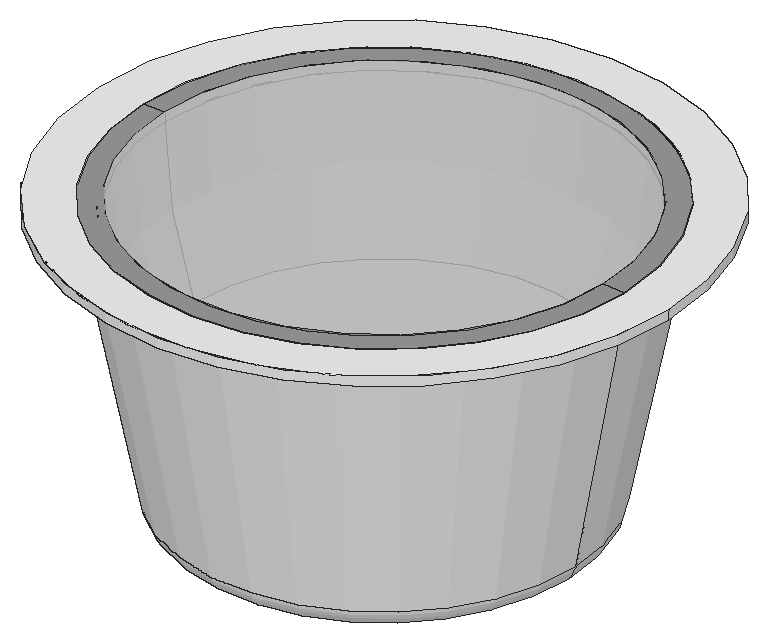
Revit family "2060547 Sylvania Lighting Fixture ASCENT 100 II ARCH 1000 4K DALI 160", category Lighting Fixtures, host Face, Revit 2016
Family settings
  Host = Face
  Part Type = Normal
  Round Connector Dimension = Use Diameter
  OmniClass Number = 23.80.70.11.17
  OmniClass Title = Specialized Lighting by Location or Use
  Cut with Voids When Loaded = No
  Light Source = Yes
  Shared = No
  Room Calculation Point = No
Parameters (values of type "2060547 ASCT100 II ARCH 1000 4K DALI 160")
  WidthBezelAcc_SYL = 25.0 mm
  Weight = "1.2 kg"
  Wattage = 7 W
  WarrantyStartDate [instance] = "n/a"
  WarrantyGuarantorParts = "n/a"
  WarrantyDurationUnit = "n/a"
  WarrantyDurationParts = "n/a"
  WarrantyDescription = "n/a"
  built-in parameter 1150110 = 1 (stored number, unit not read)
  Voltage = 0 V
  VisibilityAccessory_SYL = no
  TypeName = "ASCENT 100 II ARCH 1000 4K DALI 160"
  built-in parameter 1114217 = 1 (stored number, unit not read)
  Tilt Angle = -90°
  built-in parameter 1150109 = 1 (stored number, unit not read)
  built-in parameter 1150134 = 12
  built-in parameter 1150113 = 1 (stored number, unit not read)
  SerialNumber [instance] = "n/a"
  ReflectorRadius_SYL = Radius_SYL - 14.5 mm  # 80.0 mm
  RadiusAcc_SYL = 105.0 mm
  Radius_SYL = 94.5 mm
  URL = "http://www.sylvania-lighting.com"
  PowerFactor = 0
  PowerConsumption = "7 W"
  Photometric Web File = "2060547.ies"
  NominalWidth = 0.0 mm
  NominalLength = 0.0 mm
  NominalHeight = 94.0 mm
  Name = "ASCENT 100 II ARCH 1000 4K DALI 160"
  ModelReference = "ASCENT 100 II ARCH 1000 4K DALI 160"
  ModelNumber = "2060547"
  Material_4_SYL = none
  Material_3_SYL = Polycarbonate_Sylvania_Ascent_Opal
  Material_2_SYL = Aluminium_Sylvania_Ascent_Silver
  Material_1_SYL = Aluminum_Sylvania_Ascent_White
  Material = "aluminium housing, arcylic diffuser"
  ManufacturerName = "Feilo Sylvania"
  LuminousEfficacy = "144 lm/W"
  built-in parameter 1150105 = 80.214 (stored number, unit not read)
  Lumens = 1008 lm
  LuminaireType = ""
  built-in parameter 1150115 = 1 (stored number, unit not read)
  LightOutputRatio = "100"
  built-in parameter 1150137 = (empty or 0)
  built-in parameter 1150139 = (empty or 0)
  LampsType = Lamp  # "LED"
  LampNominalLuminous = "1009 lm"
  LampMacAdamStep = "3"
  LampColourTemperature = "4000 K"
  LampColourRenderingIndex = "80"
  built-in parameter 1150112 = 1 (stored number, unit not read)
  built-in parameter 1150114 = 1 (stored number, unit not read)
  Keynote = "16500"
  InstallationDate [instance] = "n/a"
  InputVoltage = "n/a"
  InputNominalFrequency = "n/a"
  built-in parameter 1150132 = (empty or 0)
  built-in parameter 1150102 = (empty or 0)
  built-in parameter 1150107 = 4000 (stored number, unit not read)
  built-in parameter 1150138 = (empty or 0)
  IngressProtection = "IP40"
  ImpactProtectionIndex = "IK02"
  built-in parameter 1150106 = 0.80214 (stored number, unit not read)
  IfcExportType = "IfcLightFixtureType"
  IfcExportAs = "IfcLightFixtureType"
  Height_SYL = 94.0 mm
  HeightAcc_SYL = 7.0 mm
  ExpectedLife = 50000
  EmittionSurface_SYL = if(VisibilityAccessory_SYL, 7.0 mm, 3.0 mm)  # 3.0 mm
  Emit from Circle Diameter = DiffuserRadius_SYL * 2  # 146.0 mm
  Emit Shape Visible in Rendering = no
  ElectricShockClassification = "Class II"
  built-in parameter 1150104 = 13.378 (stored number, unit not read)
  DurationUnit = "hours"
  DocumentationLiterature = "http://www.sylvania-lighting.com/product/en-int/products/2060547"
  DimmingControlOptions = "n/a"
  Dimming Lamp Color Temperature Shift = <None>
  DiffuserRadius_SYL = ReflectorRadius_SYL - 7.0 mm  # 73.0 mm
  Diameter_SYL = 2 * Radius_SYL  # 189.0 mm
  CutoutDiameter_SYL = Diameter_SYL - 13.0 mm  # 176.0 mm
  CreatedOn = "9/17/2018"
  CreatedBy = "@sylvania-lighting.com"
  Color Filter = 16777215
  built-in parameter 1114216 [instance] = 1 (stored number, unit not read)
  Model = "ASCENT 100 II ARCH 1000 4K DALI 160"
  Manufacturer = "Feilo Sylvania"
  Lamp = "LED"
  Description = "Direct LED retro fit for original LED 100 Arch (160) single CFL lamp offering Matching lumen levels and improved light distribution of original LED 100 CFL lamp equivalents Typically half the power consumption compared to CFL Up to 112lm/W 160mm aperture Architectural reflector accepts range of glass accessories from existing LED 100 Arch 160 offering HE, HO and VHO versions equivalent of single 1 x 18W, 1 x 32W, 1 x 42W\r\n Additional VVHO versions which offer the performance circa 2 x 32W equivalent"  # constant formula
  Default Elevation = 0.0 mm
  built-in parameter 1140040 [instance] = 1
  BarCode [instance] = "n/a"
  built-in parameter 1114218 = 1 (stored number, unit not read)
  built-in parameter 1150133 = 10 (stored number, unit not read)
  AssetType = "Fixed"
  AssetIdentifier [instance] = "n/a"
  Assembly Code = "D5020200"
  Apparent Load = 7 VA
  Aperture_SYL = 2 * ReflectorRadius_SYL  # 160.0 mm
Reference planes
  plane 1 "Center (Front/Back)": y = 0
  plane 2: z = 0
  plane 3 "Center (Left/Right)": x = 0
  plane 4 "Fixture Bottom": z = 3
  plane 5: z = -52.5
  plane 6 "Fixture Top": z = -91
  plane 7: x = -105
  plane 8: z = 7
  plane 9: x = -80
  plane 10: z = 5
  plane 11: x = -103
Forms (mm)
  Extrusion 1, solid, material "Aluminum_Sylvania_Ascent_White", detail levels fine
    sketch origin (0, 0, 0) x (1, 0, 0) y (0, 1, 0)
      loop
        circle (0, 0) r 94.5
      loop
        circle (0, 0) r 80
    from 0 to 3
  Extrusion 2, void
    sketch origin (0, 0, 0) x (1, 0, 0) y (0, 1, 0)
      loop
        circle (0, 0) r 88
    from -91 to 3
  Revolve 3, solid, material "Aluminum_Sylvania_Ascent_White" <- "Material_1_SYL", detail levels fine
    sketch origin (0, 0, 0) x (1, 0, 0) y (0, 0, 1)
      loop
        line (0, -91.073) -> (0, -89.023) -> (-55.468, -89.014)
        arc (-55.468, -89.014) -> (-59.352, -87.613) -> (-61.54, -84.139) r 6.307
        line (-61.54, -84.139) -> (-77.991, -2.844) -> (-77.991, 0) -> (-80, 0) -> (-80, -3) -> (-63.5, -84.536)
        arc (-63.5, -84.536) -> (-60.643, -89.203) -> (-55.5, -91.073) r 8.291
        line (-55.5, -91.073) -> (0, -91.073)
      axis (0, 0) -> (0, -91.073)
    angle from 0 to 360
  Revolve 4, solid, material "Aluminium_Sylvania_Ascent_Silver" <- "Material_2_SYL", detail levels fine
    sketch origin (0, 0, 0) x (1, 0, 0) y (0, 0, 1)
      loop
        line (-80, 3) -> (-80, 0) -> (-75, 0)
        arc (-75, 0) -> (-72.349, -26.77) -> (-64.5, -52.5) r 136.5
        line (-64.5, -52.5) -> (-58, -52.5)
        arc (-58, -52.5) -> (-56.857, -61.521) -> (-53.5, -69.971) r 36.166
        line (-53.5, -69.971) -> (0, -69.971) -> (0, -50.5) -> (-63.16, -50.5)
        arc (-63.16, -50.5) -> (-70.517, -25.725) -> (-73, 0) r 134.5
        line (-73, 0) -> (-73, 3) -> (-80, 3)
      axis (0, 3) -> (0, -69.971)
    angle from 0 to 360
  Extrusion 5, solid, material "Polycarbonate_Sylvania_Ascent_Opal" <- "Material_3_SYL", detail levels fine
    sketch origin (0, 0, 0) x (1, 0, 0) y (0, 1, 0)
      loop
        circle (0, 0) r 73
    from 0 to 3
  Revolve 6, solid, material "Aluminum_Sylvania_Ascent_White" <- "Material_1_SYL", detail levels coarse+medium
    sketch origin (0, 0, 0) x (1, 0, 0) y (0, 0, 1)
      loop
        line (0, -91.073) -> (0, 3) -> (-94.5, 3) -> (-94.5, 0) -> (-79.5, 0) -> (-79.5, -3) -> (-63, -84.536)
        arc (-63, -84.536) -> (-60.143, -89.203) -> (-55, -91.073) r 8.291
        line (-55, -91.073) -> (0, -91.073)
      axis (0, 3) -> (0, -91.073)
    angle from 0 to 360
  Revolve 7, solid, material "Aluminum_Sylvania_Ascent_White" <- "Material_1_SYL", visible <- "VisibilityAccessory_SYL"
    sketch origin (0, 0, 0) x (1, 0, 0) y (0, 0, 1)
      loop
        line (-105, 0) -> (-103, 0) -> (-103, 5) -> (-80, 5) -> (-80, 7) -> (-105, 7) -> (-105, 0)
      axis (0, 7) -> (0, 0)
    angle from 0 to 360
  Revolve 8, solid, material "Polycarbonate_Sylvania_Ascent_Opal" <- "Material_3_SYL", visible <- "VisibilityAccessory_SYL"
    sketch origin (0, 0, 0) x (1, 0, 0) y (0, 0, 1)
      loop
        line (-80, 7) -> (-80, 5) -> (0, 5) -> (0, 7) -> (-80, 7)
      axis (0, 7) -> (0, 5)
    angle from 0 to 360
Lines and regions (mm)
  reference lines
    curve 1: line (-150, 0, 3) -> (125, 0, 3)
Dimensions and locks
  locked: plane 4 "Fixture Bottom" to plane 2 at 3
  "Height_SYL": plane 4 "Fixture Bottom" to plane 6 "Fixture Top"
  "ReflectorRadius_SYL": plane 3 "Center (Left/Right)" to Revolve 4 sketch curve
  locked: Revolve 4 sketch curve to Revolve 4 sketch curve at 15.5
  locked: Revolve 4 sketch curve to Revolve 4 sketch curve at 5
  locked: Revolve 4 sketch curve to Revolve 4 sketch curve at 7
  locked: Revolve 4 sketch curve to Revolve 4 sketch curve at 22
  locked: Revolve 4 sketch curve to Revolve 4 sketch curve at 26.5
  locked: Revolve 3 sketch curve to Revolve 3 sketch curve at 16.5
  locked: Revolve 3 sketch curve to Revolve 3 sketch curve at 24.5
  "ReflectorRadius_SYL": Revolve 3 sketch curve to plane 3 "Center (Left/Right)"
  locked: Revolve 3 sketch curve to plane 6 "Fixture Top" at 6.464
  locked: plane 2 to Revolve 3 sketch curve at 3
  locked: Revolve 3 sketch curve to Revolve 3 sketch curve at 2
  locked: Revolve 3 sketch curve to Revolve 3 sketch curve at 2.009
  locked: plane 2 to plane 5 at 52.5
  locked: Revolve 6 sketch curve to Revolve 6 sketch curve at 31.5
  locked: Revolve 6 sketch curve to Revolve 6 sketch curve at 39.5
  locked: Revolve 6 sketch curve to Revolve 6 sketch curve at 15
  "Radius_SYL": plane 3 "Center (Left/Right)" to Revolve 6 sketch curve
  "RadiusAcc_SYL": plane 3 "Center (Left/Right)" to plane 7
  "HeightAcc_SYL": plane 8 to level
  "WidthBezelAcc_SYL": plane 7 to plane 9
  locked: plane 7 to plane 11 at 2
  locked: plane 8 to plane 10 at 2
  "EmittionSurface_SYL": curve 1 to level
  "CutoutDiameter_SYL": diameter of Extrusion 2 sketch curve
  "ReflectorRadius_SYL": radius of Extrusion 1 sketch curve
  "DiffuserRadius_SYL": radius of Extrusion 5 sketch curve
  "Radius_SYL": radius of Extrusion 1 sketch curve
  aligned and locked: host face to plane 2
  aligned and locked: host face to level
  aligned and locked: plane 4 "Fixture Bottom" to Extrusion 1
  aligned and locked: Extrusion 1 to plane 2
  aligned and locked: Revolve 3 sketch curve to plane 3 "Center (Left/Right)"
  aligned and locked: Revolve 4 sketch curve to plane 3 "Center (Left/Right)"  (x2)
  aligned and locked: plane 4 "Fixture Bottom" to Revolve 4 sketch curve
  aligned and locked: Extrusion 5 to plane 2
  aligned and locked: plane 2 to Revolve 3 sketch curve  (x2)
  aligned and locked: Revolve 6 sketch curve to plane 3 "Center (Left/Right)"
  aligned and locked: plane 6 "Fixture Top" to Extrusion 2
  aligned and locked: Revolve 7 sketch curve to plane 3 "Center (Left/Right)"
  aligned and locked: host face to Revolve 7 sketch curve  (x2)
  aligned and locked: Revolve 7 sketch curve to plane 7
  aligned and locked: plane 8 to Revolve 7 sketch curve
  aligned and locked: plane 9 to Revolve 7 sketch curve
  aligned and locked: Revolve 7 sketch curve to plane 10
  aligned and locked: plane 11 to Revolve 7 sketch curve
  aligned and locked: Revolve 7 to Revolve 8 sketch curve
  aligned and locked: Revolve 8 sketch curve to Revolve 7  (x2)
  aligned and locked: Revolve 8 sketch curve to plane 3 "Center (Left/Right)"  (x2)
  aligned and locked: plane 3 "Center (Left/Right)" to imposter light
  aligned and locked: imposter light to plane 1 "Center (Front/Back)"
  aligned and locked: imposter light to curve 1
Automatic sketch dimensions
  plane 1 "Center (Front/Back)" to Extrusion 2 sketch curve = 0.0 mm
  Extrusion 2 sketch curve to plane 3 "Center (Left/Right)" = 0.0 mm
  Extrusion 1 sketch curve to Extrusion 1 sketch curve = 0.0 mm  (x2)
  plane 1 "Center (Front/Back)" to Extrusion 1 sketch curve = 0.0 mm
  Extrusion 1 sketch curve to plane 3 "Center (Left/Right)" = 0.0 mm
  plane 6 "Fixture Top" to Revolve 3 sketch curve = 0.073 mm
  Revolve 3 sketch curve to plane 6 "Fixture Top" = 6.861 mm
  Revolve 3 sketch curve to Revolve 3 sketch curve = 0.003 mm
  Revolve 3 sketch curve to Revolve 3 sketch curve = 0.009 mm  (x2)
  Revolve 3 sketch curve to Revolve 3 sketch curve = 0.023 mm
  Revolve 3 sketch curve to Revolve 3 sketch curve = 0.072 mm
  Revolve 3 sketch curve to Revolve 3 sketch curve = 0.008 mm
  Revolve 3 sketch curve to plane 6 "Fixture Top" = 1.977 mm
  Revolve 3 sketch curve to Revolve 3 sketch curve = 33.496 mm
  Revolve 3 sketch curve to Revolve 3 sketch curve = 0.028 mm
  plane 4 "Fixture Bottom" to Revolve 3 sketch curve = 82.431 mm
  Revolve 4 sketch curve to Revolve 4 sketch curve = 0.0 mm  (x2)
  Revolve 4 sketch curve to plane 5 = 0.0 mm
  Revolve 4 sketch curve to level = 0.0 mm
  plane 5 to Revolve 4 sketch curve = 2.0 mm
  plane 4 "Fixture Bottom" to Revolve 4 sketch curve = 9.642 mm
  plane 1 "Center (Front/Back)" to Extrusion 5 sketch curve = 0.0 mm
  Extrusion 5 sketch curve to plane 3 "Center (Left/Right)" = 0.0 mm
  Revolve 4 sketch curve to level = 69.971 mm
  Revolve 4 sketch curve to Revolve 4 sketch curve = 2.387 mm
  Revolve 6 sketch curve to level = 0.0 mm
  Revolve 6 sketch curve to plane 3 "Center (Left/Right)" = 0.0 mm
  Revolve 6 sketch curve to Revolve 6 sketch curve = 8.104 mm
  Revolve 6 sketch curve to level = 3.0 mm
  Revolve 6 sketch curve to plane 6 "Fixture Top" = 6.464 mm
  plane 6 "Fixture Top" to Revolve 6 sketch curve = 0.073 mm
  Revolve 6 sketch curve to Revolve 6 sketch curve = 33.496 mm
  plane 4 "Fixture Bottom" to Revolve 6 sketch curve = 82.431 mm
  host sketch curve to host sketch curve = 1704.996 mm
  host sketch curve to host sketch curve = 1500.0 mm
  plane 6 "Fixture Top" to Revolve 7 sketch curve = 281.274 mm
  Revolve 7 sketch curve to plane 8 = 1140.706 mm
  plane 6 "Fixture Top" to Revolve 8 sketch curve = 281.274 mm
  Revolve 8 sketch curve to Revolve 8 sketch curve = 1140.706 mm
  Revolve 3 sketch curve to plane 3 "Center (Left/Right)" = 0.0 mm
  Revolve 6 sketch curve to plane 4 "Fixture Bottom" = 0.0 mm
  plane 7 to curve 1 = 45.0 mm
  plane 3 "Center (Left/Right)" to curve 1 = 125.0 mm
Connectors
  electrical at (0, 0, -91.073), driven by "Apparent Load"
    settings: on Revolve 3, index 1, voltage 240 V, apparent load 0 VA, apparent load phase1 7 VA, apparent load phase2 0 VA, apparent load phase3 0 VA, power factor 1, load classification "Lighting", number of poles 1, system type 31, power factor state 1, is connector primary yes, connector utility no, sub classification motor no, connector description ""
